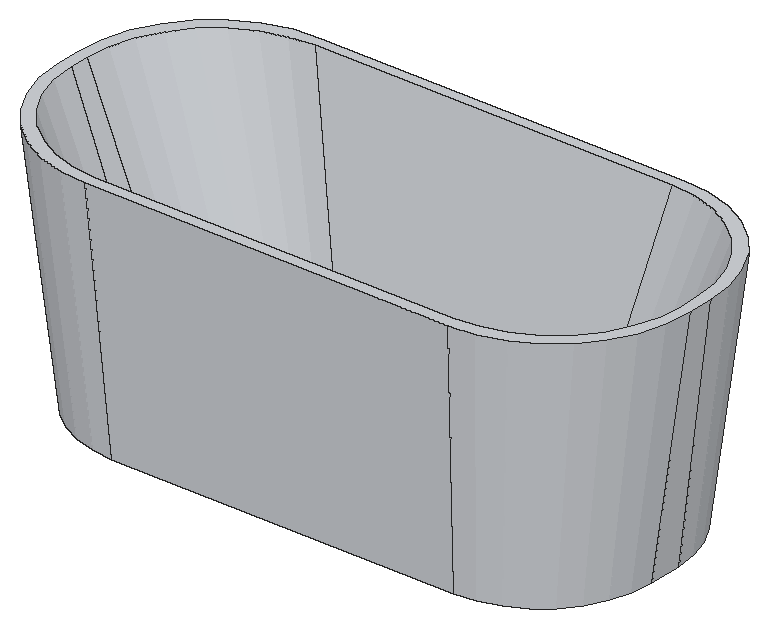
Revit family "Stilla_1500", category Generic Models, Revit 2019
Family settings
  Can host rebar = No
  Round Connector Dimension = Use Diameter
  Part Type = Normal
  Work Plane-Based = No
  Always vertical = Yes
  Cut with Voids When Loaded = No
  Shared = No
  Room Calculation Point = No
Parameters (values of type "Stilla 1500")
  Width = 700 mm
  URL = "www.westerbergs.se"
  Rim = 75.98 mm
  Manufacturer = "Hafa Bathroom Group AB"
  Length = 1500 mm
  Etim = "EC011609"
  Description = "Bathtub"
  Bottom length = 1180 mm
  Angle = 115.00°
Reference planes
  plane 1 "Center (Front/Back)": y = 0
  plane 2: z = 0
  plane 3 "Center (Left/Right)": x = 0
Forms (mm)
  Extrusion 1, void
    sketch origin (0, 0, 0) x (1, 0, 0) y (0, 1, 0)
      loop
        circle (0, 0) r 40.376
    from 0 to 147.033
  Blend 2, solid
    base sketch origin (0, 0, 600) x (1, 0, 0) y (0, 1, 0)
      loop
        arc (-430, 350) -> (-656.274, 256.274) -> (-750, 30) r 320
        line (-750, 30) -> (-750, -30)
        arc (-750, -30) -> (-656.274, -256.274) -> (-430, -350) r 320
        line (-430, -350) -> (430, -350)
        arc (430, -350) -> (656.274, -256.274) -> (750, -30) r 320
        line (750, -30) -> (750, 30)
        arc (750, 30) -> (656.274, 256.274) -> (430, 350) r 320
        line (430, 350) -> (-430, 350)
    top sketch origin (0, 0, 600) x (1, 0, 0) y (0, 1, 0)
      loop
        arc (-405, 300) -> (-588.848, 223.848) -> (-665, 40) r 260
        line (-665, 40) -> (-665, -40)
        arc (-665, -40) -> (-588.848, -223.848) -> (-405, -300) r 260
        line (-405, -300) -> (405, -300)
        arc (405, -300) -> (588.848, -223.848) -> (665, -40) r 260
        line (665, -40) -> (665, 40)
        arc (665, 40) -> (588.848, 223.848) -> (405, 300) r 260
        line (405, 300) -> (-405, 300)
    from 0 to -600
  Blend 3, void
    base sketch origin (0, 0, 600) x (1, 0, 0) y (0, 1, 0)
      loop
        line (-423, -323) -> (423, -323)
        arc (423, -323) -> (635.132, -235.132) -> (723, -23) r 300
        line (723, -23) -> (723, 23)
        arc (723, 23) -> (635.132, 235.132) -> (423, 323) r 300
        line (423, 323) -> (-423, 323)
        arc (-423, 323) -> (-635.132, 235.132) -> (-723, 23) r 300
        line (-723, 23) -> (-723, -23)
        arc (-723, -23) -> (-635.132, -235.132) -> (-423, -323) r 300
    top sketch origin (0, 0, 600) x (1, 0, 0) y (0, 1, 0)
      loop
        arc (-320, 250) -> (-475.563, 185.563) -> (-540, 30) r 220
        line (-540, 30) -> (-540, -30)
        arc (-540, -30) -> (-475.563, -185.563) -> (-320, -250) r 220
        line (-320, -250) -> (320, -250)
        arc (320, -250) -> (475.563, -185.563) -> (540, -30) r 220
        line (540, -30) -> (540, 30)
        arc (540, 30) -> (475.563, 185.563) -> (320, 250) r 220
        line (320, 250) -> (-320, 250)
    from 0 to -455
  Extrusion 4, void
    sketch origin (-400, 0, 0) x (1, 0, 0) y (0, 1, 0)
      loop
        circle (25, 225) r 20
    from -5 to 143
  Extrusion 5, void
    sketch origin (350, 0, 0) x (1, 0, 0) y (0, 1, 0)
      loop
        circle (25, 225) r 20
    from -5 to 143
  Extrusion 6, void
    sketch origin (-400, -225, 0) x (1, 0, 0) y (0, 1, 0)
      loop
        circle (25, 0) r 20
    from -4.963 to 143
  Extrusion 7, void
    sketch origin (350, -450, 0) x (1, 0, 0) y (0, 1, 0)
      loop
        circle (25, 225) r 20
    from -5 to 145
Cuts and joins
  Blend 3, Extrusion 4, Extrusion 5, Extrusion 6 cuts Blend 2
Lines and regions (mm)
  reference lines
    curve 1: line (-750, 350, 0) -> (750, 350, 0)
    curve 2: line (-750, -350, 0) -> (-750, 350, 0)
    curve 3: line (750, -350, 0) -> (-750, -350, 0)
    curve 4: line (750, 350, 0) -> (750, -350, 0)
Dimensions and locks
  "Width": curve 1 to curve 3
  "Length": curve 4 to curve 2
  equal spacing: curve 2, plane 3 "Center (Left/Right)", curve 4
  equal spacing: curve 3, plane 1 "Center (Front/Back)", curve 1
  locked: Extrusion 1 sketch curve to plane 3 "Center (Left/Right)"
  locked: plane 1 "Center (Front/Back)" to Extrusion 1 sketch curve
  locked: Extrusion 4 sketch curve to plane 3 "Center (Left/Right)" at 375
  locked: plane 3 "Center (Left/Right)" to Extrusion 5 sketch curve at 375
  locked: plane 3 "Center (Left/Right)" to Extrusion 7 sketch curve at 375
  locked: Extrusion 6 sketch curve to plane 3 "Center (Left/Right)" at 375
  locked: Extrusion 7 sketch curve to plane 1 "Center (Front/Back)" at 225
  locked: Extrusion 6 to plane 1 "Center (Front/Back)" at 225
  locked: plane 1 "Center (Front/Back)" to Extrusion 4 sketch curve at 225
  locked: plane 1 "Center (Front/Back)" to Extrusion 5 sketch curve at 225
  aligned and locked: level to plane 2
Automatic sketch dimensions
  plane 1 "Center (Front/Back)" to Blend 2 sketch curve = 30 mm
  Blend 2 sketch curve to plane 3 "Center (Left/Right)" = 750 mm
  Blend 2 sketch curve to Blend 2 sketch curve = 320 mm  (x2)
  Blend 2 sketch curve to Blend 2 sketch curve = 0 mm  (x4)
  plane 3 "Center (Left/Right)" to Blend 2 sketch curve = 430 mm
  Blend 2 sketch curve to plane 1 "Center (Front/Back)" = 30 mm
  plane 1 "Center (Front/Back)" to Blend 2 sketch curve = 40 mm
  Blend 2 sketch curve to plane 3 "Center (Left/Right)" = 665 mm
  Blend 2 sketch curve to Blend 2 sketch curve = 260 mm  (x2)
  plane 3 "Center (Left/Right)" to Blend 2 sketch curve = 405 mm
  Blend 2 sketch curve to plane 1 "Center (Front/Back)" = 40 mm
  Blend 3 sketch curve to plane 1 "Center (Front/Back)" = 23 mm  (x2)
  Blend 3 sketch curve to plane 3 "Center (Left/Right)" = 723 mm
  Blend 3 sketch curve to plane 1 "Center (Front/Back)" = 323 mm
  Blend 3 sketch curve to Blend 3 sketch curve = 0 mm  (x4)
  plane 3 "Center (Left/Right)" to Blend 3 sketch curve = 423 mm
  plane 1 "Center (Front/Back)" to Blend 3 sketch curve = 23 mm
  plane 1 "Center (Front/Back)" to Blend 3 sketch curve = 30 mm  (x2)
  Blend 3 sketch curve to plane 3 "Center (Left/Right)" = 540 mm
  plane 1 "Center (Front/Back)" to Blend 3 sketch curve = 250 mm
  Blend 3 sketch curve to plane 1 "Center (Front/Back)" = 30 mm
  plane 3 "Center (Left/Right)" to Blend 3 sketch curve = 320 mm
  plane 1 "Center (Front/Back)" to Extrusion 6 sketch curve = 225 mm
  radius of Extrusion 1 sketch curve = 40.376 mm
  radius of Extrusion 4 sketch curve = 20 mm
  radius of Extrusion 5 sketch curve = 20 mm
  radius of Extrusion 6 sketch curve = 20 mm
  radius of Extrusion 7 sketch curve = 20 mm
